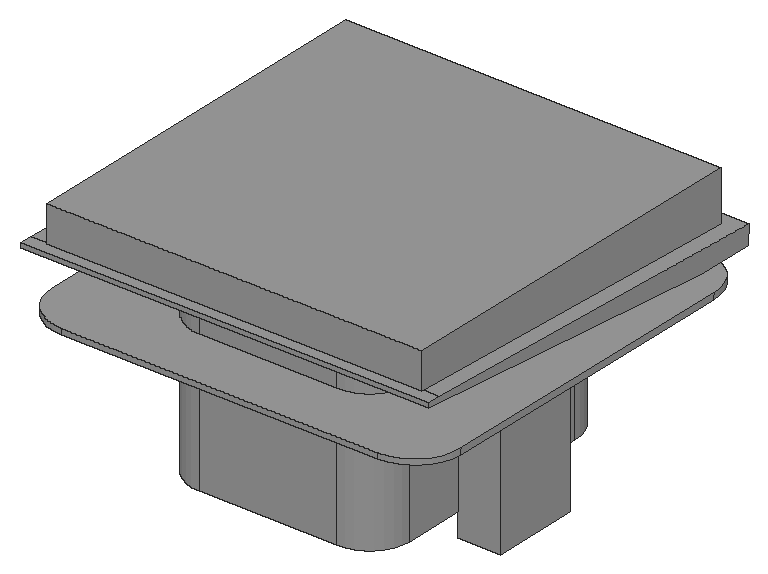
Revit family "Gira_126400", category Electrical Fixtures, host Face, Revit 2017
Family settings
  Host = Face
  Maintain Annotation Orientation = Yes
  Round Connector Dimension = Use Diameter
  Part Type = Normal
  Cut with Voids When Loaded = No
  Shared = No
  Room Calculation Point = No
Parameters (values of type "Info mod. door st. Gira TX_44 (WP FM)")
  URL = "http://katalog.gira.de/en/datenblatt.html?artikelnr=126400"
  Suitable for = "Outdoor station"
  Name = "Info mod. door st. Gira TX_44 (WP FM)"
  Material = "Other"
  Manufacturer URL = "https://www.gira.de/"
  Manufacturer = "Gira"
  Keynote = ""
  HeinzeBIM = "https://bimportal.heinze.de/bim/info-mod-door-st-gira-tx-44-wp-fm-/a028b6985f8c5150f75c78ca0afe8abc52f115c5"
  HAN = "126400"
  GTIN = "4010337264002"
  Description = "Info mod.door st. TX_44,Info module for door station,,Program-neutral,Features:,- Installation in a conventional flush-mounted device box.,- Fits in the cover frames of the Gira TX_44 switch range.,- Modular design, allowing easy installation and expandability.,- Signal transmission and supply of the audio and video components via reverse-polarity-protected and short-circuit-proof 2-wire bus.,- Extension of the door station by an info module for display of the house number, name, or other information.,- Backlighting with LED technology, white light. Steady, clearly visible illumination is achieved using maintenance-free, energy-saving LED technology.,- Sprayed-water proof cover plate made of shock-resistant plastic.,- Inscription space can be exchanged without tools and without frame disassembly.,- Professional labelling is available from the Gira Inscription Service www.marking.gira.com or using the Gira inscription software."
  Default Elevation = 1219.2 mm
  Data sheet (1) = "https://katalog.gira.de/en/download.html?artikelnr=126400"
  Category = "Mounting accessories for door communication"
  BIM (1) = "https://media.stage.bim.site/public/gira/36a6b08/TX44_Komplettgerät_Schalten und Tasten.rfa?public/gira/36a6b08/TX44_Komplettgerät_Schalten und Tasten.rfa"
  Available = "No"
Reference planes
  plane 1 "Center (Front/Back)": y = 0
  plane 2 "Reference Level 0": z = 0
  plane 3 "Center (Left/Right)": x = 0
  plane 4: z = -28.6
Forms (mm)
  Extrusion 1, solid, material "Default", detail levels fine
    sketch origin (0, 0, 0) x (1, 0, 0) y (0, 1, 0)
      loop
        line (-32.604, 32.5) -> (-32.604, -32.5) -> (32.735, -32.5) -> (32.735, 32.5) -> (-32.604, 32.5)
    from 0 to 12.3
  Extrusion 2, solid, material "Default", detail levels fine
    sketch origin (0, 0, 0) x (0, 1, 0) y (0, 0, 1)
      loop
        line (35, 3.483) -> (-32.2, 6) -> (-34.55, 6) -> (-34.536, 5.199) -> (24.886, 0) -> (34.939, 0) -> (35, 3.483)
    from -35.5 to 35.5
  Extrusion 3, void
    sketch origin (0, 0, 0) x (0, 1, 0) y (0, 0, 1)
      loop
        line (42.419, 3.205) -> (-32.2, 6) -> (-42.193, 6) -> (-42.193, -11.826) -> (42.419, -11.826) -> (42.419, 3.205)
    from -64.194 to 61.264
  Extrusion 4, solid, material "Default", detail levels fine
    sketch origin (0, 0, 0) x (1, 0, 0) y (0, 1, 0)
      loop
        arc (35.5, 27.5) -> (33.157, 33.157) -> (27.5, 35.5) r 8
        line (27.5, 35.5) -> (-27.5, 35.5)
        arc (-27.5, 35.5) -> (-33.157, 33.157) -> (-35.5, 27.5) r 8
        line (-35.5, 27.5) -> (-35.5, -27.5)
        arc (-35.5, -27.5) -> (-33.157, -33.157) -> (-27.5, -35.5) r 8
        line (-27.5, -35.5) -> (27.5, -35.5)
        arc (27.5, -35.5) -> (33.157, -33.157) -> (35.5, -27.5) r 8
        line (35.5, -27.5) -> (35.5, 27.5)
    from -4.1 to -5.1
  Extrusion 5, solid, material "Default", detail levels fine
    sketch origin (0, 0, 0) x (1, 0, 0) y (0, 1, 0)
      loop
        arc (-12, 25) -> (-16.95, 22.95) -> (-19, 18) r 7
        line (-19, 18) -> (-19, -18)
        arc (-19, -18) -> (-16.95, -22.95) -> (-12, -25) r 7
        line (-12, -25) -> (12, -25)
        arc (12, -25) -> (16.95, -22.95) -> (19, -18) r 7
        line (19, -18) -> (19, 18)
        arc (19, 18) -> (16.95, 22.95) -> (12, 25) r 7
        line (12, 25) -> (-12, 25)
    from 4.692 to -28.6
  Extrusion 6, solid, material "Default", detail levels fine
    sketch origin (0, 0, 0) x (1, 0, 0) y (0, 1, 0)
      loop
        line (-26.5, -7.5) -> (-19, -7.5) -> (-19, 7.5) -> (-26.5, 7.5) -> (-26.5, -7.5)
    from -5.1 to -32.6
  Extrusion 7, solid, material "Default", detail levels fine
    sketch origin (0, 0, 0) x (-1, 0, 0) y (0, -1, 0)
      loop
        line (-26.5, 7.5) -> (-26.5, -7.5) -> (-19, -7.5) -> (-19, 7.5) -> (-26.5, 7.5)
    from -5.1 to -32.6
  Extrusion 8, solid, material "Default", detail levels medium
    sketch origin (0, 0, 0) x (1, 0, 0) y (0, 1, 0)
      loop
        line (-32.604, 32.5) -> (-32.604, -32.5) -> (32.735, -32.5) -> (32.735, 32.5) -> (-32.604, 32.5)
    from 0 to 12.3
  Extrusion 9, solid, material "Default", detail levels medium
    sketch origin (0, 0, 0) x (0, 1, 0) y (0, 0, 1)
      loop
        line (35, 3.483) -> (-32.2, 6) -> (-34.55, 6) -> (-34.445, 0) -> (34.939, 0) -> (35, 3.483)
    from -35.5 to 35.5
  Extrusion 10, solid, material "Default", detail levels medium
    sketch origin (0, 0, 0) x (1, 0, 0) y (0, 1, 0)
      loop
        line (-26.5, 25) -> (-26.5, -25) -> (26.5, -25) -> (26.5, 25) -> (-26.5, 25)
    from 4.692 to -32.6
  Extrusion 11, solid, material "Default", detail levels medium
    sketch origin (0, 0, 0) x (1, 0, 0) y (0, 1, 0)
      loop
        line (35.5, 35.5) -> (-35.5, 35.5) -> (-35.5, -35.5) -> (35.5, -35.5) -> (35.5, 35.5)
    from -4.1 to -5.1
  Extrusion 12, solid, material "Default", detail levels coarse
    sketch origin (0, 0, 0) x (1, 0, 0) y (0, 1, 0)
      loop
        line (35.5, 35.5) -> (-35.5, 35.5) -> (-35.5, -35.5) -> (35.5, -35.5) -> (35.5, 35.5)
    from -32.6 to 12.3
Cuts and joins
  Extrusion 3 cuts Extrusion 1
  joined: Extrusion 1, Extrusion 2, Extrusion 4, Extrusion 5, Extrusion 6, Extrusion 7
Dimensions and locks
  Extrusion 12 to Extrusion 12 = 44.9 mm
  aligned and locked: plane 2 "Reference Level 0" to host face
  aligned and locked: level to host face
  aligned and locked: plane 3 "Center (Left/Right)" to nested 1
  aligned and locked: plane 1 "Center (Front/Back)" to nested 1
Nested families
  nested 1: "Schalter" at (0, 0, 0), type "Schalter"
Connectors
  electrical at (0, 0, -32.6)
    settings: on Extrusion 12, index 1, voltage 220 V, apparent load 0 VA, apparent load phase1 0 VA, apparent load phase2 0 VA, apparent load phase3 0 VA, power factor 1, load classification "Other", number of poles 1, system type 30, power factor state 1, is connector primary yes, connector utility no, sub classification motor no, connector description ""
Definition of nested family "Schalter"
  Reference planes
    plane 1: y = 0
    plane 2: x = 0
  Lines and regions (mm)
    detail lines
      curve 1: circle (1.375, 2.778, 0) r 0.8 normal (0, 0, 1)
      curve 2: line (1.021, 2.061, 0) -> (0, 0, 0)
      curve 3: line (0, 0, 0) -> (-0.538, 0.266, 0)
  Dimensions and locks
    curve 2 to curve 2 = 2.3 mm
    curve 3 to curve 2 = 0.6 mm
    radius of curve 1 = 0.8 mm
